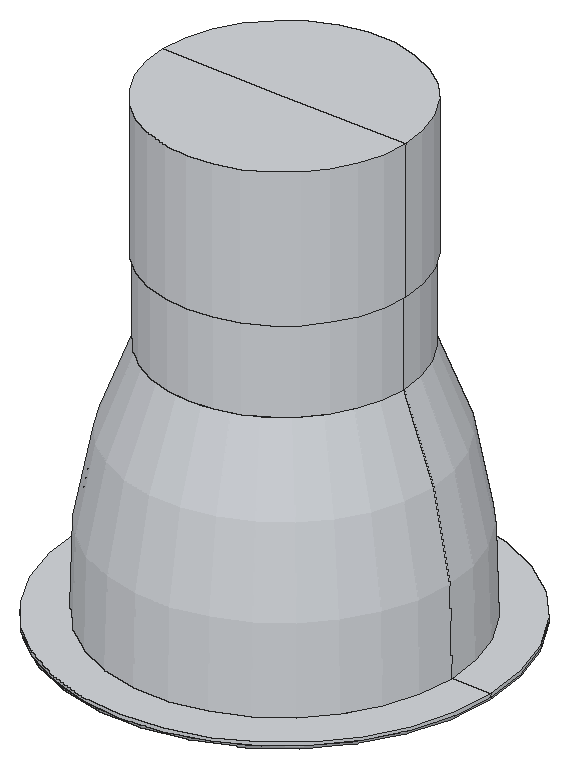
Revit family "Alcon-14124-6-Revit-Family", category Lighting Fixtures, host Ceiling, Revit 2021
Family settings
  Host = Ceiling
  Round Connector Dimension = Use Diameter
  Part Type = Normal
  OmniClass Number = 23.80.70.11
  OmniClass Title = Luminaries for Internal Lighting
  Always vertical = Yes
  Cut with Voids When Loaded = No
  Light Source = Yes
  Shared = No
  Room Calculation Point = No
Parameters (values of type "Type 1")
  Wattage = 9.2903 W
  built-in parameter 1150110 = 1 (stored number, unit not read)
  built-in parameter 1114217 = 1 (stored number, unit not read)
  Tilt Angle = 60.00°
  built-in parameter 1150109 = 1 (stored number, unit not read)
  built-in parameter 1150134 = (empty or 0)
  built-in parameter 1150113 = 1 (stored number, unit not read)
  built-in parameter 1010507 = 1.5708 (stored number, unit not read)
  built-in parameter 1010506 = 0.5236 (stored number, unit not read)
  Product Identity = "Alcon Lighting 14124-6"
  Manufacturer = "Alcon Light"
  Lumens = 1380 lm
  built-in parameter 1150115 = 1 (stored number, unit not read)
  built-in parameter 1150105 = 4614.1 (stored number, unit not read)
  Link To Product Page = "https://www.alconlighting.com/14124-6.html"
  LightSource = none
  Light Source Symbol Length = 10' - 0"
  built-in parameter 1150137 = (empty or 0)
  built-in parameter 1150139 = (empty or 0)
  Lens = none
  built-in parameter 1150112 = 1 (stored number, unit not read)
  built-in parameter 1150114 = 1 (stored number, unit not read)
  built-in parameter 1150132 = 2
  built-in parameter 1150102 = (empty or 0)
  built-in parameter 1150138 = (empty or 0)
  built-in parameter 1150107 = 3000 (stored number, unit not read)
  built-in parameter 1150106 = 46.141 (stored number, unit not read)
  Housing = none
  built-in parameter 1150104 = 13.8 (stored number, unit not read)
  Dimming Lamp Color Temperature Shift = <None>
  Default Elevation = 0' - 0"
  Color Filter = 16777215
  built-in parameter 1114218 = 1 (stored number, unit not read)
  built-in parameter 1150133 = 10 (stored number, unit not read)
Reference planes (in)
  plane 1 "Light Source Axis (F/B)": y = 0
  plane 2: z = 0
  plane 3 "Light Source Axis (L/R)": x = 0
  plane 4 "Ceiling": z = 157.79911
  plane 5 "Light Source Elevation": z = 157.10531
Forms (in)
  Extrusion 1, void
    sketch origin (0, 0, 157.79911) x (0, 1, 0) y (-1, 0, 0)
      loop
        circle (0, 0) r 3.725
    from -0.44379 to 2.07621
  Revolve 2, solid, material <- "Housing"
    sketch origin (0, 0, 0) x (1, 0, 0) y (0, 0, 1)
      loop
        line (-3.725, 157.48031) -> (-3.725, 157.42601)
        arc (-3.725, 157.42601) -> (-3.70429, 157.37602) -> (-3.65431, 157.35531) r 0.07069
        line (-3.65431, 157.35531) -> (-2.995, 157.35531) -> (-2.995, 157.48031) -> (-3.725, 157.48031)
      axis (0, 157.48031) -> (0, 157.35531)
    angle from 0 to 360
  Revolve 3, solid, material <- "Housing"
    sketch origin (0, 0, -5.11929) x (1, 0, 0) y (0, 0, 1)
      loop
        line (0, 168.46563) -> (0, 170.94187) -> (-2.18765, 170.94187) -> (-2.18765, 168.46563) -> (0, 168.46563)
      axis (0, 168.46563) -> (0, 170.94187)
    angle from 0 to 360
  Revolve 4, solid, material <- "Lens"
    sketch origin (0, 0, -5.11929) x (1, 0, 0) y (0, 0, 1)
      loop
        line (0, 167.01604) -> (0, 167.24278) -> (-2.09, 167.24278) -> (-2.09, 167.01604) -> (0, 167.01604)
      axis (0, 167.01604) -> (0, 167.24278)
    angle from 0 to 360
  Revolve 5, solid, material <- "Housing"
    sketch origin (-40.7589, 0, 5.79101) x (0.965926, 0, -0.258819) y (0.258819, 0, 0.965926)
      loop
        line (-3.03509, 160.7323) -> (-3.42703, 162.19501) -> (-3.4874, 162.17883) -> (-3.09917, 160.72995)
        arc (-3.09917, 160.72995) -> (-3.23502, 158.49064) -> (-2.80374, 156.28906) r 8.85472
        line (-2.80374, 156.28906) -> (-2.74326, 156.30527)
        arc (-2.74326, 156.30527) -> (-3.17301, 158.50007) -> (-3.03509, 160.7323) r 8.79222
      axis (0.11, 157.0698) -> (-1.40824, 162.73594)
    angle from 0 to 360
  Revolve 6, solid, material <- "LightSource"
    sketch origin (0, 0, -5.11929) x (1, 0, 0) y (0, 0, 1)
      loop
        line (0, 168.10799) -> (0, 168.46563) -> (-2.09, 168.46563) -> (-2.09, 168.10799) -> (0, 168.10799)
      axis (0, 168.10799) -> (0, 168.46563)
    angle from 0 to 360
Dimensions and locks (in)
  equal spacing: host sketch curve, plane 3 "Light Source Axis (L/R)", host sketch curve
  equal spacing: host sketch curve, plane 1 "Light Source Axis (F/B)", host sketch curve
  host sketch curve to host sketch curve = 13' - 1.48031"  (x2)
  host ceiling to plane 4 "Ceiling" = 0' - 0.31879"
  Revolve 2 to Revolve 2 = 0' - 7.45"
  Revolve 2 to Revolve 2 = 0' - 5.99"
  Revolve 4 to Revolve 4 = 0' - 4.18"
  aligned and locked: plane 1 "Light Source Axis (F/B)" to imposter light
